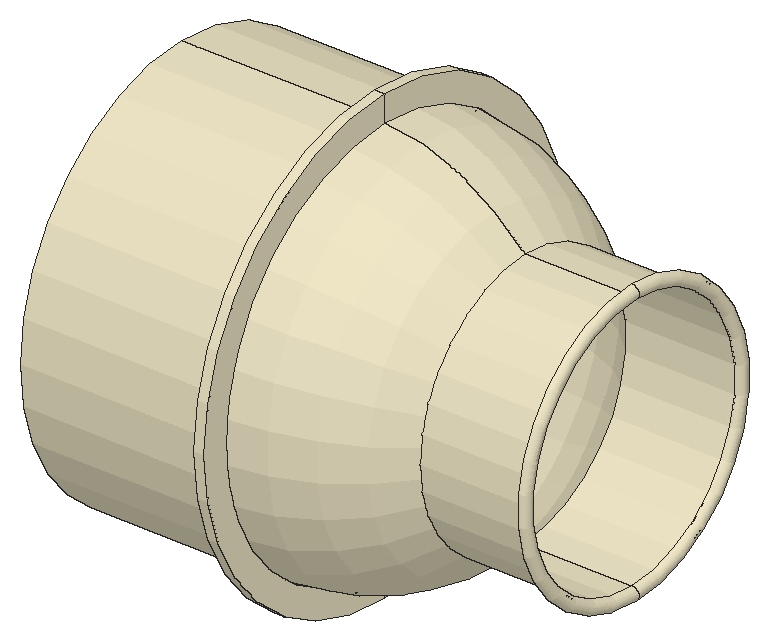
Revit family "Jet Nozzle", category Air Terminals, Revit 2013
Parameters (values of type "Size-20"")
  Pressure Drop [instance] = 14.0 Pa
  Neck Dia (G) = Neck Radius * 2  # 310.4 mm
  Model = "TND-AA"
  Min Flow = 288.0 L/s
  Max Flow = 1538.0 L/s
  Manufacturer = "Titus"
  Flow [instance] = 382.0 L/s
  Duct Size = 450 mm
  Duct Radius = Duct Size / 2  # 225.0 mm
  Dimension F = 489.0 mm
  Dimension E = 292.9 mm
  Dimension D = 140.5 mm
  Dimension C1 = Dimension C / 2  # 236.15 mm
  Dimension C = 472.3 mm
  Dimension B = 535.0 mm
  Diffuser Service [instance] = "JN"
  Neck Radius = 155.2 mm
  Description = ""
  Assembly Code = ""
  Air Flow [instance] = Flow  # 382.0 L/s
Types (6, lengths in mm): name | Neck Dia (G) | Min Flow | Max Flow | Flow | Duct Size | Duct Radius | Dimension F | Dimension E | Dimension D | Dimension C1 | Dimension C | Dimension B | Neck Radius | Air Flow
  Size-6" | 74.6 | 19.0 L/s | 90.0 L/s | 24.0 L/s | 150 | 75.0 | 165.1 | 93.7 | 38.1 | 76.2 | 152.4 | 192.9 | 37.3 | 24.0 L/s
  Size-8" | 100.0 | 28.0 L/s | 160.0 L/s | 42.0 L/s | 200 | 100.0 | 212.7 | 119.1 | 44.5 | 101.2 | 202.4 | 249.2 | 50.0 | 42.0 L/s
  Size-10" | 139.8 | 57.0 L/s | 311.0 L/s | 80.0 L/s | 250 | 125.0 | 282.6 | 119.1 | 44.5 | 134.55 | 269.1 | 323.1 | 69.9 | 80.0 L/s
  Size-12" | 165.2 | 80.0 L/s | 434.0 L/s | 109.0 L/s | 300 | 150.0 | 319.1 | 199.2 | 113.5 | 152.8 | 305.6 | 360.4 | 82.6 | 109.0 L/s
  Size-16" | 229.4 | 160.0 L/s | 845.0 L/s | 227.0 L/s | 400 | 200.0 | 428.6 | 242.9 | 137.3 | 206.4 | 412.8 | 476.3 | 114.7 | 227.0 L/s
  Size-20" | 310.4 | 288.0 L/s | 1538.0 L/s | 382.0 L/s | 450 | 225.0 | 489.0 | 292.9 | 140.5 | 236.15 | 472.3 | 535.0 | 155.2 | 382.0 L/s
Reference planes
  plane 1 "Center (Front/Back)": y = 0
  plane 2: z = 0
  plane 3 "Center (Left/Right)": x = 0
  plane 4: x = -140.5
  plane 5: x = 292.9
  plane 6: z = 155.2
  plane 7: z = -155.2
  plane 8: z = 236.15
  plane 9: z = -236.15
  plane 10: z = 244.5
  plane 11: z = -244.5
  plane 12: z = 267.5
  plane 13: z = -267.5
  plane 14: x = -12
  plane 15: x = -240.5
  plane 16: x = 342.9
  plane 17: z = 225
  plane 18: z = -225
  plane 19: y = 155.2
  plane 20: y = -155.2
  plane 21: y = 225
  plane 22: y = 236.15
  plane 23: y = 244.5
  plane 24: y = 267.5
  plane 25: y = -225
  plane 26: y = -236.15
  plane 27: y = -244.5
  plane 28: y = -267.5
Forms (mm)
  Revolve 1, solid, material "Grille"
    sketch origin (0, 0, 0) x (1, 0, 0) y (0, 0, 1)
      loop
        line (-237.5, 236.15) -> (0, 236.15) -> (0, 267.5) -> (-12, 267.5) -> (-12, 239.15) -> (-240.5, 239.15) -> (-240.5, 225) -> (-237.5, 225) -> (-237.5, 236.15)
      axis (-240.5, 0) -> (0, 0)
    angle from 0 to 360
  Revolve 2, solid, material "Grille"
    sketch origin (0, 0, 0) x (1, 0, 0) y (0, 0, 1)
      loop
        line (-140.5, 198.128) -> (-139.472, 194.846)
        arc (-139.472, 194.846) -> (20.38, 230.577) -> (164.208, 152.2) r 232.839
        line (164.208, 152.2) -> (292.9, 152.2)
        arc (292.9, 152.2) -> (300.9, 160.2) -> (292.9, 168.2) r 8
        line (292.9, 168.2) -> (292.9, 165.2)
        arc (292.9, 165.2) -> (297.9, 160.2) -> (292.9, 155.2) r 5
        line (292.9, 155.2) -> (165.988, 155.2)
        arc (165.988, 155.2) -> (20.756, 233.867) -> (-140.5, 198.128) r 236.15
      axis (-140.5, 0) -> (292.9, 0)
    angle from 0 to 360
Lines and regions (mm)
  symbolic lines
    curve 1: line (-240.5, -236.15, 0) -> (-240.5, 236.15, 0)
    curve 2: line (-240.5, 236.15, 0) -> (-12, 236.15, 0)
    curve 3: line (-12, 236.15, 0) -> (-12, 267.5, 0)
    curve 4: line (-12, 267.5, 0) -> (0, 267.5, 0)
    curve 5: line (0, 267.5, 0) -> (0, 236.15, 0)
    curve 6: line (0, -236.15, 0) -> (0, -267.5, 0)
    curve 7: line (0, -267.5, 0) -> (-12, -267.5, 0)
    curve 8: line (-12, -267.5, 0) -> (-12, -236.15, 0)
    curve 9: line (-240.5, -236.15, 0) -> (-12, -236.15, 0)
    curve 10: arc (-140.5, 198.128, 0) -> (20.756, 233.867, 0) -> (165.988, 155.2, 0) r 236.15
    curve 11: arc (-140.5, -198.128, 0) -> (20.756, -233.867, 0) -> (165.988, -155.2, 0) r 236.15
    curve 12: line (165.988, 155.2, 0) -> (292.9, 155.2, 0)
    curve 13: line (292.9, 155.2, 0) -> (292.9, -155.2, 0)
    curve 14: line (292.9, -155.2, 0) -> (165.988, -155.2, 0)
    curve 15: line (-140.5, 198.128, 0) -> (-140.5, -198.128, 0)
Dimensions and locks
  equal spacing: plane 6, level, plane 7
  equal spacing: plane 8, level, plane 9
  equal spacing: plane 10, level, plane 11
  equal spacing: plane 12, level, plane 13
  "Dimension D": plane 3 "Center (Left/Right)" to plane 4
  "Dimension E": plane 5 to plane 3 "Center (Left/Right)"
  "Neck Dia (G)": plane 6 to plane 7
  "Dimension C": plane 8 to plane 9
  "Dimension F": plane 10 to plane 11
  "Dimension B": plane 12 to plane 13
  plane 3 "Center (Left/Right)" to plane 14 = 12.0 mm
  plane 4 to plane 15 = 100.0 mm
  locked: plane 16 to plane 5 at 50
  equal spacing: plane 17, level, plane 18
  "Duct Size": plane 17 to plane 18
  equal spacing: plane 19, plane 1 "Center (Front/Back)", plane 20
  "Neck Dia (G)": plane 19 to plane 20
  equal spacing: plane 21, plane 1 "Center (Front/Back)", plane 25
  equal spacing: plane 22, plane 1 "Center (Front/Back)", plane 26
  equal spacing: plane 23, plane 1 "Center (Front/Back)", plane 27
  equal spacing: plane 24, plane 1 "Center (Front/Back)", plane 28
  "Duct Size": plane 21 to plane 25
  "Dimension C": plane 22 to plane 26
  "Dimension F": plane 23 to plane 27
  "Dimension B": plane 24 to plane 28
  "Dimension C1": radius of Revolve 2 sketch curve
  aligned and locked: plane 16 to nested 2
Automatic sketch dimensions
  Revolve 1 sketch curve to plane 14 = 0.0 mm
  Revolve 1 sketch curve to plane 3 "Center (Left/Right)" = 0.0 mm
  Revolve 1 sketch curve to plane 12 = 0.0 mm
  Revolve 1 sketch curve to plane 15 = 0.0 mm  (x2)
  Revolve 1 sketch curve to level = 0.0 mm
  Revolve 1 sketch curve to plane 17 = 0.0 mm
  Revolve 1 sketch curve to Revolve 1 sketch curve = 3.0 mm
  plane 3 "Center (Left/Right)" to Revolve 1 sketch curve = 44.5 mm
  plane 8 to Revolve 1 sketch curve = 3.0 mm
  Revolve 1 sketch curve to plane 8 = 0.0 mm
  Revolve 2 sketch curve to Revolve 2 sketch curve = 0.0 mm  (x3)
  Revolve 2 sketch curve to plane 4 = 0.0 mm
  Revolve 2 sketch curve to plane 6 = 0.0 mm
  Revolve 2 sketch curve to plane 5 = 0.0 mm
  Revolve 2 sketch curve to plane 6 = 3.0 mm
  Revolve 2 sketch curve to level = 0.0 mm  (x2)
  Revolve 2 sketch curve to plane 14 = 0.0 mm
  plane 4 to Revolve 2 sketch curve = 1.028 mm
  Revolve 2 sketch curve to Revolve 2 sketch curve = 1.78 mm
  Revolve 2 sketch curve to plane 4 = 18.2 mm
  Revolve 2 sketch curve to plane 16 = 10.0 mm
  Revolve 2 sketch curve to Revolve 2 sketch curve = 10.0 mm
  curve 10 to curve 11 = 0.0 mm  (x2)
  curve 1 to plane 15 = 0.0 mm
  curve 3 to plane 14 = 0.0 mm
  curve 9 to plane 14 = 0.0 mm
  curve 6 to plane 3 "Center (Left/Right)" = 0.0 mm
  curve 4 to plane 3 "Center (Left/Right)" = 0.0 mm
  curve 12 to plane 19 = 0.0 mm
  curve 14 to plane 20 = 0.0 mm
  curve 13 to plane 5 = 0.0 mm
  curve 7 to plane 28 = 0.0 mm
  curve 8 to plane 26 = 0.0 mm
  curve 3 to plane 22 = 0.0 mm
  curve 4 to plane 24 = 0.0 mm
  curve 15 to plane 4 = 0.0 mm
  curve 11 to plane 1 "Center (Front/Back)" = 0.0 mm
  curve 11 to plane 14 = 0.0 mm
  curve 6 to plane 26 = 0.0 mm
  curve 5 to plane 22 = 0.0 mm
Nested families
  nested 1: "SDIFF-ARR" at (342.9, 0, 0) x (1, 0, 0) z (0, -1, 0), type "Suppy Diffuser Arrow"
  nested 2: "SDIFF-ARR" at (342.9, 0, 0), type "Suppy Diffuser Arrow"
Connectors
  hvac at (-240.5, 0, 0), driven by "Duct Radius"
    settings: on Revolve 1, index 1, duct flow 0.0 L/s, flow factor 0, pres drop 0.0 Pa, loss coef 0, conn angle 0.00°, conn width 304.8 mm, conn height 304.8 mm, conn radius 225 mm, duct sys type 29, conn prof type 0, flow config 0, flow direction 0, loss method 0, conn ref index -1, conn util no, is conn primary yes, conn desc ""
Definition of nested family "SDIFF-ARR"
  Parameters (values of type "Suppy Diffuser Arrow")
    Width = (Length / 2) / cos(15.00°)  # 310.583 mm
    Length = 600 mm
  Reference planes
    plane 1 "Center (Front/Back)": y = 0
    plane 2: z = 0
    plane 3 "Center (Left/Right)": x = 0
  Lines and regions (mm)
    Filled region 1, type "Solid Fill - Black", in view "Ref. Level"
      outline origin (0, 0, 0) x (1, 0, 0) y (0, 1, 0)
        loop
          line (0, -8.001) -> (100, -8.001) -> (100, -40.402) -> (200, 0) -> (100, 40.402) -> (100, 8) -> (0, 8) -> (0, -8.001)
    detail lines, in view "Ref. Level"
      curve 1: line (0, -8.001, 0) -> (0, 8, 0)
      curve 2: line (0, 8, 0) -> (100, 8, 0)
      curve 3: line (100, 8, 0) -> (100, 40.402, 0)
      curve 4: line (100, 40.402, 0) -> (200, 0, 0)
      curve 5: line (200, 0, 0) -> (100, -40.402, 0)
      curve 6: line (100, -40.402, 0) -> (100, -8.001, 0)
      curve 7: line (0, -8.001, 0) -> (100, -8.001, 0)
